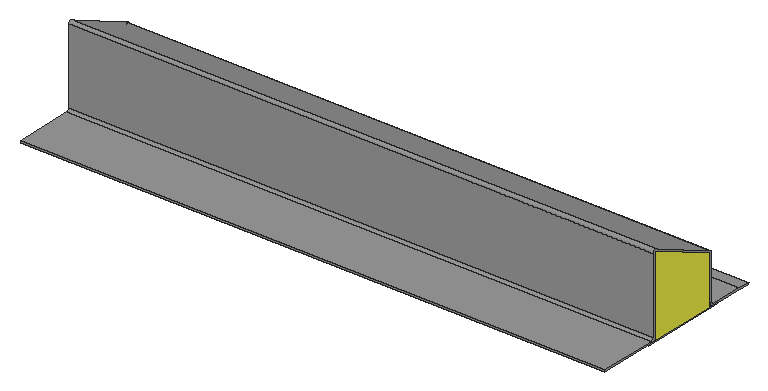
Revit family "SK 150 WIL", category Generic Models, Revit 2014
Parameters (values of type "Max lintel length 4000mm")
  URL = "http://www.keystonelintels.co.uk"
  Structural Opening [instance] = 900 mm
  Structural Performance = "The Keystone lintel range has safe working loads as detailed in each applicable loading table in the Keystone Lintel Guide brochure. The structural performance figures within each table have been ascertained by testing in accordance with the requirements of standards BS EN 5977-2: 1983 and BS EN 845-2: 2003."
  RIBA Productor Selector = "available for Keystone Lintels Ltd from Keystone Lintels Ltd from ribaproductselector.com"
  Model = "SK/150 WIL"
  Min Length = 600 mm
  Min Clear Span = 300 mm
  Max Length = 4000 mm
  Max Clear Span = 4000 mm
  Material - Stainless Steel = "Grade 304 2b 1.4307 to BS EN 10088-2. Other grades available on request: contact manufacturer."
  Material - Galvanised Steel = "To BS EN 10346: 2009. DX51D plus Z600 or grade Z275 to BS 5977-2: 1983 (BS EN 845-2: 2003)."
  Manufacturer = "Keystone"
  Manufactured Length [instance] = (roundup(Effective Length / 150 mm) * 150 mm)  # 1200 mm
  Lintel height [instance] = 2100 mm
  Keynote = "F30/755"
  Fire Performance = "Keystone lintels have been subjected to a fire test (WARRES No. 101263) in accordance with BS 476-20: 1987, at Exova Warrington Fire and achieved a one hour fire performance."
  End Bearing = 150 mm
  Effective Length [instance] = Clear Opening with MIN MAX set + End Bearing * 2  # 1200 mm
  Corrosion = "Keystone’s standard range of lintels are manufactured from high quality grade pre-galvanized carbon steel with a zinc coating of 600"
  Contact Tel = "+44 (0)28 8676 2184"
  Contact Email = "info@keystonelintels.co.uk"
  Clear Opening with MIN MAX set [instance] = if(Structural Opening < Min Clear Span, Min Clear Span, (if(Structural Opening > Max Clear Span, Max Clear Span, Structural Opening)))  # 900 mm
  CPD Information = "Available for Keystone Lintels Ltd from ribacpd.com"
Reference planes
  plane 1 "Center (Front/Back)": y = 0
  plane 2: z = 0
  plane 3 "Center (Left/Right)": x = 0
  plane 4: x = -600
  plane 5: x = 600
  plane 6: z = 2100
  plane 7: x = -450
  plane 8: x = 450
Forms (mm)
  Extrusion 1, solid, material "Steel"
    sketch origin (0, 701.131, -526.74) x (0, 1, 0) y (0, 0, 1)
      loop
        line (-533.084, 2625.827) -> (-532.967, 2629.024) -> (-557.976, 2629.94) -> (-622.976, 2629.94)
        arc (-622.976, 2629.94) -> (-626.512, 2631.405) -> (-627.976, 2634.94) r 5
        line (-627.976, 2634.94) -> (-627.976, 2725.369)
        arc (-627.976, 2725.369) -> (-628.791, 2728.163) -> (-630.979, 2730.082) r 5.2
        line (-630.979, 2730.082) -> (-768.579, 2794.255)
        arc (-768.579, 2794.255) -> (-773.57, 2793.928) -> (-775.976, 2789.542) r 5.2
        line (-775.976, 2789.542) -> (-775.976, 2634.94)
        arc (-775.976, 2634.94) -> (-777.441, 2631.405) -> (-780.976, 2629.94) r 5
        line (-780.976, 2629.94) -> (-901.005, 2629.94) -> (-901.005, 2626.74) -> (-780.976, 2626.74)
        arc (-780.976, 2626.74) -> (-775.178, 2629.142) -> (-772.776, 2634.94) r 8.2
        line (-772.776, 2634.94) -> (-772.776, 2789.542)
        arc (-772.776, 2789.542) -> (-771.851, 2791.229) -> (-769.931, 2791.354) r 2
        line (-769.931, 2791.354) -> (-632.331, 2727.182)
        arc (-632.331, 2727.182) -> (-631.49, 2726.443) -> (-631.176, 2725.369) r 2
        line (-631.176, 2725.369) -> (-631.176, 2634.94)
        arc (-631.176, 2634.94) -> (-628.775, 2629.142) -> (-622.976, 2626.74) r 8.2
        line (-622.976, 2626.74) -> (-558.035, 2626.74) -> (-533.084, 2625.827)
    from -600 to 600
  Extrusion 2, solid, material "Insulation"
    sketch origin (0, 701.131, -526.74) x (0, 1, 0) y (0, 0, 1)
      loop
        line (-631.176, 2634.94) -> (-631.176, 2725.369)
        arc (-631.176, 2725.369) -> (-631.49, 2726.443) -> (-632.331, 2727.182) r 2
        line (-632.331, 2727.182) -> (-769.931, 2791.354)
        arc (-769.931, 2791.354) -> (-771.851, 2791.229) -> (-772.776, 2789.542) r 2
        line (-772.776, 2789.542) -> (-772.776, 2634.94)
        arc (-772.776, 2634.94) -> (-775.178, 2629.142) -> (-780.976, 2626.74) r 8.2
        line (-780.976, 2626.74) -> (-632.175, 2626.74) -> (-632.175, 2634.74) -> (-631.175, 2634.74) -> (-631.175, 2626.74) -> (-622.976, 2626.74)
        arc (-622.976, 2626.74) -> (-628.775, 2629.142) -> (-631.176, 2634.94) r 8.2
    from -600 to 600
  Extrusion 3, solid, material "Steel"
    sketch origin (0, 701.131, -526.74) x (0, 1, 0) y (0, 0, 1)
      loop
        line (-631.175, 2626.74) -> (-631.175, 2634.74) -> (-632.175, 2634.74) -> (-632.175, 2626.74) -> (-789.175, 2626.74) -> (-789.175, 2625.74) -> (-614.175, 2625.74) -> (-614.175, 2626.74) -> (-631.175, 2626.74)
    from -600 to 600
  Extrusion 4, solid, not visible
    sketch origin (0, 931.039, 1206.116) x (0, 1, 0) y (0, 0, 1)
      loop
        line (-533.084, 1025.827) -> (-532.967, 1029.024) -> (-557.976, 1029.94) -> (-622.976, 1029.94)
        arc (-622.976, 1029.94) -> (-626.512, 1031.405) -> (-627.976, 1034.94) r 5
        line (-627.976, 1034.94) -> (-627.976, 1125.369)
        arc (-627.976, 1125.369) -> (-628.791, 1128.163) -> (-630.979, 1130.082) r 5.2
        line (-630.979, 1130.082) -> (-768.579, 1194.255)
        arc (-768.579, 1194.255) -> (-773.57, 1193.928) -> (-775.976, 1189.542) r 5.2
        line (-775.976, 1189.542) -> (-775.976, 1034.94)
        arc (-775.976, 1034.94) -> (-777.441, 1031.405) -> (-780.976, 1029.94) r 5
        line (-780.976, 1029.94) -> (-901.005, 1029.94) -> (-901.005, 1026.74) -> (-780.976, 1026.74)
        arc (-780.976, 1026.74) -> (-775.178, 1029.142) -> (-772.776, 1034.94) r 8.2
        line (-772.776, 1034.94) -> (-772.776, 1189.542)
        arc (-772.776, 1189.542) -> (-771.851, 1191.229) -> (-769.931, 1191.354) r 2
        line (-769.931, 1191.354) -> (-632.331, 1127.182)
        arc (-632.331, 1127.182) -> (-631.49, 1126.443) -> (-631.176, 1125.369) r 2
        line (-631.176, 1125.369) -> (-631.176, 1034.94)
        arc (-631.176, 1034.94) -> (-628.775, 1029.142) -> (-622.976, 1026.74) r 8.2
        line (-622.976, 1026.74) -> (-558.035, 1026.74) -> (-533.084, 1025.827)
    from 0 to 250
  Extrusion 5, solid, not visible
    sketch origin (0, 549.975, 1241.654) x (0, 1, 0) y (0, 0, 1)
      loop
        line (-631.176, 1034.94) -> (-631.176, 1125.369)
        arc (-631.176, 1125.369) -> (-631.49, 1126.443) -> (-632.331, 1127.182) r 2
        line (-632.331, 1127.182) -> (-769.931, 1191.354)
        arc (-769.931, 1191.354) -> (-771.851, 1191.229) -> (-772.776, 1189.542) r 2
        line (-772.776, 1189.542) -> (-772.776, 1034.94)
        arc (-772.776, 1034.94) -> (-775.178, 1029.142) -> (-780.976, 1026.74) r 8.2
        line (-780.976, 1026.74) -> (-632.175, 1026.74) -> (-632.175, 1034.74) -> (-631.175, 1034.74) -> (-631.175, 1026.74) -> (-622.976, 1026.74)
        arc (-622.976, 1026.74) -> (-628.775, 1029.142) -> (-631.176, 1034.94) r 8.2
    from 0 to 250
  Extrusion 6, solid, not visible
    sketch origin (0, 1007.98, 964.584) x (0, 1, 0) y (0, 0, 1)
      loop
        line (-631.175, 1026.74) -> (-631.175, 1034.74) -> (-632.175, 1034.74) -> (-632.175, 1026.74) -> (-789.175, 1026.74) -> (-789.175, 1025.74) -> (-614.175, 1025.74) -> (-614.175, 1026.74) -> (-631.175, 1026.74)
    from 0 to 250
Dimensions and locks
  equal spacing: plane 4, plane 3 "Center (Left/Right)", plane 5
  "Manufactured Length": plane 4 to plane 5
  "Lintel height": plane 6 to level
  "Structural Opening": plane 7 to plane 8
  equal spacing: plane 7, plane 3 "Center (Left/Right)", plane 8
  aligned and locked: level to plane 2
  aligned and locked: Extrusion 1 to plane 6
  aligned and locked: Extrusion 2 to plane 6
  aligned and locked: plane 6 to Extrusion 3
  aligned and locked: plane 5 to Extrusion 1
  aligned and locked: Extrusion 1 to plane 4
  aligned and locked: plane 5 to Extrusion 3
  aligned and locked: Extrusion 3 to plane 4
  aligned and locked: plane 5 to Extrusion 2
  aligned and locked: Extrusion 2 to plane 4
Automatic sketch dimensions
  Extrusion 1 sketch curve to Extrusion 1 sketch curve = 0.117 mm
  Extrusion 1 sketch curve to Extrusion 1 sketch curve = 25.009 mm
  Extrusion 1 sketch curve to Extrusion 1 sketch curve = 3.198 mm
  Extrusion 1 sketch curve to Extrusion 1 sketch curve = 0.059 mm
  Extrusion 1 sketch curve to Extrusion 1 sketch curve = 64.941 mm
  Extrusion 1 sketch curve to Extrusion 1 sketch curve = 5 mm  (x2)
  Extrusion 1 sketch curve to Extrusion 1 sketch curve = 0 mm  (x17)
  Extrusion 1 sketch curve to Extrusion 1 sketch curve = 90.429 mm
  Extrusion 1 sketch curve to Extrusion 1 sketch curve = 2 mm
  Extrusion 1 sketch curve to Extrusion 1 sketch curve = 0.845 mm  (x2)
  Extrusion 1 sketch curve to Extrusion 1 sketch curve = 1.353 mm  (x2)
  Extrusion 1 sketch curve to Extrusion 1 sketch curve = 137.6 mm
  Extrusion 1 sketch curve to Extrusion 1 sketch curve = 64.173 mm
  Extrusion 1 sketch curve to Extrusion 1 sketch curve = 2.9 mm
  Extrusion 1 sketch curve to Extrusion 1 sketch curve = 1.813 mm
  Extrusion 1 sketch curve to Extrusion 1 sketch curve = 120.029 mm
  Extrusion 2 sketch curve to Extrusion 2 sketch curve = 2 mm  (x2)
  Extrusion 2 sketch curve to Extrusion 2 sketch curve = 0.845 mm  (x2)
  Extrusion 2 sketch curve to Extrusion 2 sketch curve = 137.6 mm
  Extrusion 2 sketch curve to Extrusion 2 sketch curve = 1.002 mm
  Extrusion 2 sketch curve to Extrusion 2 sketch curve = 1 mm
  Extrusion 2 sketch curve to Extrusion 2 sketch curve = 8.2 mm  (x2)
  Extrusion 2 sketch curve to Extrusion 2 sketch curve = 0 mm
  Extrusion 2 sketch curve to Extrusion 2 sketch curve = 0.2 mm
  Extrusion 2 sketch curve to Extrusion 2 sketch curve = 90.429 mm
  Extrusion 2 sketch curve to Extrusion 2 sketch curve = 64.173 mm
  Extrusion 3 sketch curve to Extrusion 3 sketch curve = 17 mm
  Extrusion 3 sketch curve to Extrusion 3 sketch curve = 8 mm
  Extrusion 3 sketch curve to Extrusion 3 sketch curve = 1 mm  (x2)
  Extrusion 3 sketch curve to Extrusion 3 sketch curve = 0 mm
  Extrusion 3 sketch curve to Extrusion 3 sketch curve = 157 mm
  Extrusion 4 sketch curve to Extrusion 4 sketch curve = 0.117 mm
  Extrusion 4 sketch curve to Extrusion 4 sketch curve = 25.009 mm
  Extrusion 4 sketch curve to Extrusion 4 sketch curve = 3.198 mm
  Extrusion 4 sketch curve to Extrusion 4 sketch curve = 0.059 mm
  Extrusion 4 sketch curve to Extrusion 4 sketch curve = 64.941 mm
  Extrusion 4 sketch curve to Extrusion 4 sketch curve = 5 mm  (x2)
  Extrusion 4 sketch curve to Extrusion 4 sketch curve = 0 mm  (x17)
  Extrusion 4 sketch curve to Extrusion 4 sketch curve = 90.429 mm
  Extrusion 4 sketch curve to Extrusion 4 sketch curve = 2 mm
  Extrusion 4 sketch curve to Extrusion 4 sketch curve = 0.845 mm  (x2)
  Extrusion 4 sketch curve to Extrusion 4 sketch curve = 1.353 mm  (x2)
  Extrusion 4 sketch curve to Extrusion 4 sketch curve = 137.6 mm
  Extrusion 4 sketch curve to Extrusion 4 sketch curve = 64.173 mm
  Extrusion 4 sketch curve to Extrusion 4 sketch curve = 2.9 mm
  Extrusion 4 sketch curve to Extrusion 4 sketch curve = 1.813 mm
  Extrusion 4 sketch curve to Extrusion 4 sketch curve = 120.029 mm
  Extrusion 5 sketch curve to Extrusion 5 sketch curve = 2 mm  (x2)
  Extrusion 5 sketch curve to Extrusion 5 sketch curve = 0.845 mm  (x2)
  Extrusion 5 sketch curve to Extrusion 5 sketch curve = 137.6 mm
  Extrusion 5 sketch curve to Extrusion 5 sketch curve = 1.002 mm
  Extrusion 5 sketch curve to Extrusion 5 sketch curve = 1 mm
  Extrusion 5 sketch curve to Extrusion 5 sketch curve = 8.2 mm  (x2)
  Extrusion 5 sketch curve to Extrusion 5 sketch curve = 0 mm
  Extrusion 5 sketch curve to Extrusion 5 sketch curve = 0.2 mm
  Extrusion 5 sketch curve to Extrusion 5 sketch curve = 90.429 mm
  Extrusion 5 sketch curve to Extrusion 5 sketch curve = 64.173 mm
  Extrusion 6 sketch curve to Extrusion 6 sketch curve = 17 mm
  Extrusion 6 sketch curve to Extrusion 6 sketch curve = 8 mm
  Extrusion 6 sketch curve to Extrusion 6 sketch curve = 1 mm  (x2)
  Extrusion 6 sketch curve to Extrusion 6 sketch curve = 0 mm
  Extrusion 6 sketch curve to Extrusion 6 sketch curve = 157 mm
  Extrusion 3 sketch curve to plane 6 = 0 mm
  plane 1 "Center (Front/Back)" to Extrusion 3 sketch curve = 88.044 mm
  Extrusion 2 sketch curve to plane 6 = 0 mm
  plane 1 "Center (Front/Back)" to Extrusion 2 sketch curve = 79.845 mm
  Extrusion 1 sketch curve to plane 6 = 0 mm
  plane 1 "Center (Front/Back)" to Extrusion 1 sketch curve = 199.874 mm
